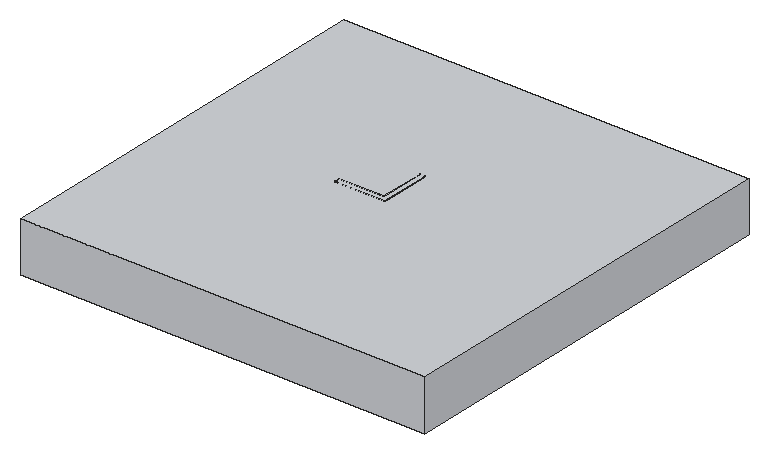
Revit family "LAMP_FIL 35 CORNER OPAL TRIMLESS HC", category Luminarias, Revit 2018
Family settings
  Anfitrión = Cara
  Cota de conector redondo = Diámetro de uso
  Tipo de pieza = Normal
  Corte con vacíos al cargar = No
  Origen de luz = Sí
  Compartido = No
  Punto de cálculo de habitación = No
Parameters (values of type "577LM 3000K  WHITE")
  Ángulo de inclinación = -90.00°
  Weight = 1.23 kg
  Wattage = 2.93 W
  Type = "MID POWER TRIDONIC"
  built-in parameter 1150107 = 3000 (stored number, unit not read)
  Second light = LAMP_FIL 35 CORNER OPAL SURFACE HC_SECOND : 3000K
  Recessed dimensions = "319x319x42"
  NOT COVER 2 [instance] = not(END COVER 2)  # no
  NOT COVER 1 [instance] = not(END COVER 1)  # no
  END COVER 2 [instance] = yes
  END COVER 1 [instance] = yes
  Suspension distance [instance] = if(Suspension > 4000 mm, 4000 mm, if(Suspension < 1 mm, 1 mm, Suspension))  # 200 mm
  Suspension [instance] = 200 mm
  built-in parameter 1150110 = 1 (stored number, unit not read)
  built-in parameter 1150109 = 1 (stored number, unit not read)
  built-in parameter 1150112 = 1 (stored number, unit not read)
  built-in parameter 1150113 = 1 (stored number, unit not read)
  built-in parameter 1114218 = 1 (stored number, unit not read)
  Protection rating = "IP20 / IK07"
  Product datasheet = "http://www.lamp.es/product-files/TECH/F31TRHCLOOP830NW-EN.pdf"
  Product code = "F31TRHCLOOP830NW"
  Product URL = "https://www.lamp.es/en/family/fil-35_413911"
  Power Supply = "220-240V 50/60Hz"
  Power = 5 W
  Plum = 6.1 W
  Photobiological risk = ""
  built-in parameter 1150137 = (empty or 0)
  built-in parameter 1150132 = 2
  Modelo = Product code  # "F31TRHCLOOP830NW"
  Model Explanation = ""
  Material suspension = LAMP_Acero genérico
  Material perfil = LAMP_Aluminio Perfil Fil GR
  Material difusor = LAMP_PC Difusor Opal Fil
  Manufacturer name = "LAMP"
  Manufacturer country = "Spain"
  Manufacturer URL = "http://www.lamp.es/en"
  MacAdam = "3"
  Last update = "24/05/2021"
  Lamp = "MID-POWER LED"
  LED Lifetime = "60.000 L80 B10"
  built-in parameter 1150105 = 119.95 (stored number, unit not read)
  built-in parameter 1150102 = (empty or 0)
  Insulation class = "I"
  Installation instructions = "https://www.lamp.es/product-files/INS/1004590-A%20INSTR.%20FIL35.pdf"
  built-in parameter 1150106 = 1.1995 (stored number, unit not read)
  IEE = "A+"
  Gear = "Electronic"
  Lumens = 303.548 lm
  Finish = "Matte white RAL 9010"
  Color Filter = 16777215
  built-in parameter 1114217 = 1 (stored number, unit not read)
  built-in parameter 1150139 = (empty or 0)
  Fabricante = Manufacturer name  # "LAMP"
  Default Elevation = 1219.2 mm
  built-in parameter 1150104 = 9.6248 (stored number, unit not read)
  Efficacy = 94.6 lm/W
  Dimensions = "311x311x35"
  Descripción = "FIL35 HORIZ. CORNER TRIM 800 WW OPAL WH."
  built-in parameter 1150115 = 1 (stored number, unit not read)
  built-in parameter 1150114 = 1 (stored number, unit not read)
  built-in parameter 1150138 = (empty or 0)
  built-in parameter 1150134 = 3
  Dimming Lamp Color Temperature Shift = (empty or 0)
  CRI = "80"
  Archivo de red fotométrica = "F31SF084LOOP830NB.IES"
  built-in parameter 1150133 = 10 (stored number, unit not read)
Types (4, lengths in mm): name | built-in parameter 1150107 | Second light | Product datasheet | Product code | Modelo | Material perfil | Descripción
  577LM 3000K DALI WHITE | 3000 (stored number, unit not read) | LAMP_FIL 35 CORNER OPAL SURFACE HC_SECOND : 3000K | "http://www.lamp.es/product-files/TECH/F31TRHCLOOP830DW-EN.pdf" | "F31TRHCLOOP830DW" | "F31TRHCLOOP830DW" | LAMP_Aluminio Perfil Fil NG | "FIL35 HORIZ CORNER TRIM 800 WW OP DA WH"
  577LM 3000K  WHITE | 3000 (stored number, unit not read) | LAMP_FIL 35 CORNER OPAL SURFACE HC_SECOND : 3000K | "http://www.lamp.es/product-files/TECH/F31TRHCLOOP830NW-EN.pdf" | "F31TRHCLOOP830NW" | "F31TRHCLOOP830NW" | LAMP_Aluminio Perfil Fil GR | "FIL35 HORIZ. CORNER TRIM 800 WW OPAL WH."
  577LM 4000K DALI WHITE | 4000 (stored number, unit not read) | LAMP_FIL 35 CORNER OPAL SURFACE HC_SECOND : 4000K | "http://www.lamp.es/product-files/TECH/F31TRHCLOOP840DW-EN.pdf" | "F31TRHCLOOP840DW" | "F31TRHCLOOP840DW" | LAMP_Aluminio Perfil Fil BL | "FIL35 HORIZ CORNER TRIM 800 NW OPA DA WH"
  577LM 4000K  WHITE | 4000 (stored number, unit not read) | LAMP_FIL 35 CORNER OPAL SURFACE HC_SECOND : 4000K | "http://www.lamp.es/product-files/TECH/F31TRHCLOOP840NW-EN.pdf" | "F31TRHCLOOP840NW" | "F31TRHCLOOP840NW" | LAMP_Aluminio Perfil Fil NG | "FIL35 HORIZ. CORNER TRIM 800 NW OPAL WH."
Reference planes
  plane 1 "Centro (Frontal/Posterior)": y = 0
  plane 2: z = 0
  plane 3 "Centro (Izquierda/Derecha)": x = 0
Forms (mm)
  Extrusion 1, solid
    sketch origin (0, 0, 0) x (1, 0, 0) y (0, 1, 0)
      loop
        line (-1219.2, 1219.2) -> (-1219.2, -1219.2) -> (1219.2, -1219.2) -> (1219.2, 1219.2) -> (-1219.2, 1219.2)
    from 0 to -304.8
  Sweep 2, solid, material "LAMP_PC Difusor Opal Fil" <- "Material difusor"
    path origin (-803.25, 0, 0) x (1, 0, 0) y (0, 1, 0)
      loop
        line (517.75, 0) -> (803.25, 0) -> (803.25, 285.5)
    profile origin (-142.75, 0, 0) x (0, 1, 0) y (0, 0, 1)
      loop
        line (-16.5, -2.5) -> (0, -2.5) -> (16.5, -2.5) -> (16.5, 0) -> (0, 0) -> (-16.5, 0) -> (-16.5, -2.5)
  Sweep 3, solid, material "LAMP_Aluminio Perfil Fil GR" <- "Material perfil"
    path origin (0, 0, 0) x (1, 0, 0) y (0, 1, 0)
      loop
        line (-285.5, 0) -> (0, 0) -> (0, 285.5)
    profile origin (-142.75, 0, 0) x (0, 1, 0) y (0, 0, 1)
      loop
        line (-17.5, -76) -> (0, -76) -> (17.5, -76) -> (17.5, -11.52) -> (25.5, -11.52) -> (25.5, -10.02) -> (17.5, -10.02) -> (17.5, -1.02) -> (16.5, -0.02) -> (16.5, -22.82) -> (0, -22.82) -> (-16.5, -22.82) -> (-16.5, -0.02) -> (-17.5, -1.02) -> (-17.5, -10.02) -> (-25.5, -10.02) -> (-25.5, -11.52) -> (-17.5, -11.52) -> (-17.5, -76)
Text (mm)
  text "Any modification of the parameters and properties of the LAMP BIM models must be executed and validated by the LAMP technical department.\nPhone: +34 93 736 68 00\nE-mail: lamp@lamp.es\n\nLAMP reserves the right to modify the technical specifications of its products." at (3261.844, 5272.529, -2757.117), in view "Preview"
Dimensions and locks
  aligned and locked: plane 2 to Extrusion 1
  aligned and locked: level to Extrusion 1
  aligned and locked: imposter light to Sweep 2
Nested families
  nested 1: "LAMP_FIL 35 CORNER OPAL SURFACE HC_SECOND" at (-134.875, -0.014, -1500), type "3000K"
  nested 2: "LAMP_FIL 35 END COVER TRIMLESS" at (0, 286.5, -76), visible <- "END COVER 2", type "Blanco"
  nested 3: "LAMP_FIL 35 END COVER TRIMLESS" at (-286.5, 0, -76) x (0, 1, 0) z (0, 0, 1), visible <- "END COVER 1", type "Blanco"
Connectors
  electrical at (-95.167, 95.167, -76)
    settings: on Sweep 3, index 1, voltage 230 V, apparent load 0 VA, apparent load phase1 0 VA, apparent load phase2 0 VA, apparent load phase3 0 VA, power factor 1, load classification "Otro", number of poles 1, system type 31, power factor state 1, is connector primary yes, connector utility no, sub classification motor no, connector description ""
Definition of nested family "LAMP_FIL 35 END COVER TRIMLESS"
  Parameters (values of type "Blanco")
    Material tapa = none
  Reference planes
    plane 1 "Centro (Frontal/Posterior)": y = 0
    plane 2: z = 0
    plane 3 "Centro (Izquierda/Derecha)": x = 0
  Forms (mm)
    Extrusion 1, solid, material <- "Material tapa"
      sketch origin (0, 0, 0) x (0, -1, 0) y (0, 0, 1)
        loop
          line (0, 0) -> (1, 0) -> (1, 76) -> (-1, 76) -> (-1, 0) -> (0, 0)
      from -17.5 to 17.5
    Extrusion 2, void
      sketch origin (-1, 0, 65.55) x (1, 0, 0) y (0, 0, 1)
        loop
          line (18.5, 0) -> (18.5, 10.45) -> (17.5, 10.45) -> (17.5, 0) -> (18.5, 0)
      from -23.5 to 23.5
    Extrusion 3, void
      sketch origin (1, 0, 65.55) x (-1, 0, 0) y (0, 0, -1)
        loop
          line (18.5, 0) -> (17.5, 0) -> (17.5, -10.45) -> (18.5, -10.45) -> (18.5, 0)
      from -23.5 to 23.5
  Cuts and joins
    Extrusion 2, Extrusion 3 cuts Extrusion 1
  Dimensions and locks
    aligned and locked: level to plane 2
Definition of nested family "LAMP_FIL 35 CORNER OPAL SURFACE HC_SECOND"
  Parameters (values of type "3000K")
    Tilt Angle = -90.00°
    Wattage = 2.93 W
    built-in parameter 1150110 = 1 (stored number, unit not read)
    built-in parameter 1114217 = 1 (stored number, unit not read)
    built-in parameter 1150109 = 1 (stored number, unit not read)
    built-in parameter 1150134 = (empty or 0)
    built-in parameter 1150113 = 1 (stored number, unit not read)
    Lumens = 303.665 lm
    built-in parameter 1150115 = 1 (stored number, unit not read)
    built-in parameter 1150105 = 24.165 (stored number, unit not read)
    built-in parameter 1150137 = (empty or 0)
    built-in parameter 1150139 = (empty or 0)
    built-in parameter 1150112 = 1 (stored number, unit not read)
    built-in parameter 1150114 = 1 (stored number, unit not read)
    built-in parameter 1150132 = 2
    built-in parameter 1150102 = (empty or 0)
    built-in parameter 1150138 = (empty or 0)
    built-in parameter 1150107 = 3000 (stored number, unit not read)
    built-in parameter 1150106 = 0.24165 (stored number, unit not read)
    built-in parameter 1150104 = 9.6285 (stored number, unit not read)
    Dimming Lamp Color Temperature Shift = (empty or 0)
    Color Filter = 16777215
    built-in parameter 1114218 = 1 (stored number, unit not read)
    Photometric Web File = "F31SF084LOOP830NB.IES"
    built-in parameter 1150133 = 10 (stored number, unit not read)
  Types (3, lengths in mm): name | built-in parameter 1150105 | built-in parameter 1150106 | Photometric Web File
    (no name) | 24.165 (stored number, unit not read) | 0.24165 (stored number, unit not read) | "F31SF084LOOP830NB.IES"
    3000K | 24.165 (stored number, unit not read) | 0.24165 (stored number, unit not read) | "F31SF084LOOP830NB.IES"
    4000K | 119.99 (stored number, unit not read) | 1.1999 (stored number, unit not read) | "F31SF084LOOP840NB.IES"
  Reference planes
    plane 1 "Eje de origen de luz (F/P)": y = 0
    plane 2: z = 0
    plane 3 "Eje de origen de luz (I/D)": x = 0
    plane 4 "Elevación de origen de luz": z = 1500
  Dimensions and locks
    aligned and locked: plane 3 "Eje de origen de luz (I/D)" to imposter light
    aligned and locked: plane 1 "Eje de origen de luz (F/P)" to imposter light
    aligned and locked: plane 4 "Elevación de origen de luz" to imposter light
    aligned and locked: level to plane 2
